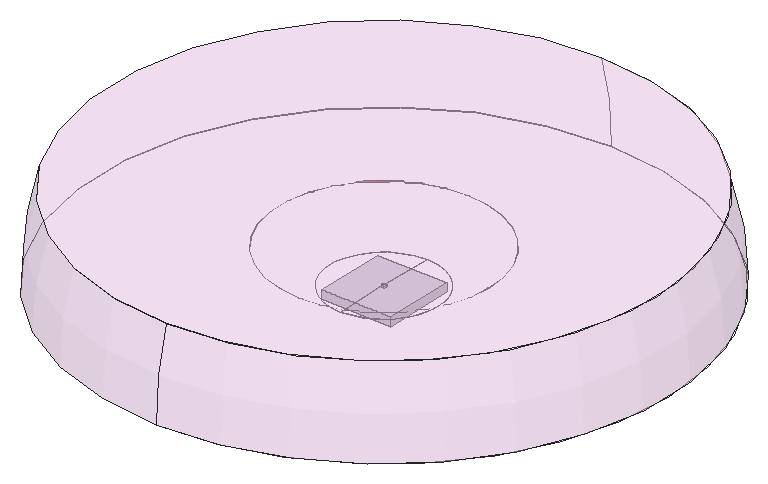
Revit family "Camera-Security-Panasonic-360-degree-Indoor-Dome-Network-X4170Seriesx", category Security Devices, host Face, Revit 2016
Family settings
  Host = Face
  Maintain Annotation Orientation = No
  Part Type = Normal
  Round Connector Dimension = Use Diameter
  OmniClass Number = 23.85.10.14.11
  OmniClass Title = Cameras
  Cut with Voids When Loaded = No
  Shared = No
  Room Calculation Point = No
Parameters (values of type "WV-X4171")
  z Void Direction [instance] = if((if(On Wall, 1, 0) + if(On Ceiling, 1, 0)) = 1, if(On Ceiling, 0, 1), 0)  # 0
  z Vertical FOV = 183.00°  # constant formula
  z VV Origin Height Offset [instance] = Height  # 1.94882"
  z VV Origin Height [instance] = 0.000"
  z Lenz to PPM Target X [instance] = 0.07874" * Focal Length * 1000 / (PPM Actual * Scanning Area H / Horizontal Resolution) - z Lenz to PPM Target H  # 152.36905"
  z Lenz to PPM Target H [instance] = Distance to Floor - PPM Target Height - z VV Origin Height Offset  # 46.08268"
  z Horizontal FOV = 183.00°  # constant formula
  z Camera Center Y Axis Offset [instance] = 0.000"
  z Camera Bottom Offset [instance] = 0.000"
  z Camera Angle [instance] = 90.00°
  z Base Raduius = 3.22835"
  z Base Height = 0.000"
  Wide Dynamic Range = yes
  Weight [instance] = 0.93 lbf
  Voltage DC = 12 V
  Vandal Resistant = no
  URL = "http://security.panasonic.com/pss/security/"
  Storage Temperature = "-22 °F to 140 °F"  # constant formula
  Show View Volume [instance] = yes
  Scanning Area V = 0.21811"
  Scanning Area H = 0.21811"
  Resolution_9M [instance] = yes
  Resolution_4M [instance] = not(Resolution_9M)  # no
  Regulatory Compliance = "UL (UL60950-1), c-UL (CSA C22.2 No.60950-1), CE, IEC60950-1 FCC (Part15 ClassA), ICES003 ClassA, EN55022 ClassB, EN55024"  # constant formula
  Radius_3 [instance] = Radius_1 * 0.123  # 0.36319"
  Radius_2 [instance] = Radius_1 * 0.2  # 0.59055"
  Radius_1 [instance] = Diameter / 2  # 2.95276"
  Provide Feedback = "https://www.surveymonkey.com/s/95FL6QY"
  Product Page URL = "https://security.panasonic.com/products/wv-s4171"
  Product Material = Paint - Panasonic - Sail White
  Product Documentation Link = "http://ssbu-t.psn-web.net/Products/IP_camera/WV-S4171/Specsheet/WV-S4171_A4.pdf"
  Power Active = 6.7 W
  Part Number = Model  # "WV-X4171"
  Part Description = Description  # "Security Camera, H.264/H.265 360-degree, Indoor, Dome, 9 Megapixel, Network, X4171"
  PPM Target Height [instance] = 70.07874"
  PPM Desired [instance] = 300
  PPM Actual [instance] = if(PPM Desired > 1, PPM Desired, 1)  # 300
  Original Creation Date = "2018/01/15"
  Operational Temperature = "14°F to 122°F"
  Operational Humidity = "10% to 90% (no condensation)"
  On Wall [instance] = no
  On Ceiling [instance] = yes
  Mounting Positions = "Mount Dependent or Surface Mount"
  Model Disclaimer = "Contact Panasonic for more information"  # constant formula
  Model = "WV-X4171"
  Minimum Illumination = 0.3 lx
  Manufacturer = "Panasonic"  # constant formula
  Indoor Or Outdoor = "Indoor"
  IP Or Analog = "IP"
  Horizontal Resolution [instance] = if(Resolution_9M, 2992, 2192)  # 2992
  Height_Offset5 = 1.44663"
  Height_Offset4 [instance] = 0.39438"
  Height_Offset3 [instance] = (Height - Height_Offset2) * 0.278  # 0.31423"
  Height_Offset2 [instance] = Height * 0.42  # 0.8185"
  Height_Offset1 [instance] = Height * 0.1  # 0.19488"
  Height [instance] = 1.94882"
  Has POE = yes
  Focal Length = 0.05512"
  Family Version = "1.0.0"  # constant formula
  Equipment Number [instance] = ""
  Equipment Abbreviation = "SC"
  Distance to Screen [instance] = 393.70079"
  Distance to PPM Target [instance] = if(z Lenz to PPM Target X < z Lenz to PPM Target H, 0.000", sqrt(z Lenz to PPM Target X ^ 2 - z Lenz to PPM Target H ^ 2))  # 145.23331"
  Distance to Floor [instance] = 118.11024"
  Distance to Ceiling [instance] = 0.000"
  Diameter [instance] = 5.90551"
  Description = "Security Camera, H.264/H.265 360-degree, Indoor, Dome, 9 Megapixel, Network, X4171"
  Default Elevation = 0.000"
  Day Or Night = "N/A"
  Date Last Modified = "2018/01/15"
  Copyright = "Copyright © Panasonic"  # constant formula
  Communication Ports = "10Base-T / 100Base-TX, RJ45 connector"
  z Camera Center X Axis Offset [instance] = 0.000"
  Audio Out = "3.5 mm stereo mini jack"
  Audio In = "3.5 mm stereo mini jack"
  Angle Of View = "183"
  Alarm Input Or Output Specification = "ALARM IN 1 (Auto time adjustment) (x1),ALARM IN 2 (ALARM OUT) (x1), ALARM IN 3 (AUX OUT) (x1)"
Types (2): name | Weight | Voltage DC | Product Page URL | Product Documentation Link | Power Active | Part Number | Part Description | Original Creation Date | Operational Temperature | Model | Description | Date Last Modified | Audio Out | Audio In | Alarm Input Or Output Specification
  WV-X4170 | 0.88 lbf | 48 V | "https://security.panasonic.com/products/wv-s4170" | "http://ssbu-t.psn-web.net/Products/IP_camera/WV-S4170/Specsheet/WV-S4170_A4.pdf" | 7.2 W | "WV-X4170" | "Security Camera, H.264/H.265 360-degree, Indoor, Dome, 9 Megapixel, Network, X4170" | "2018/01/12" | "32°F to 104°F" | "WV-X4170" | "Security Camera, H.264/H.265 360-degree, Indoor, Dome, 9 Megapixel, Network, X4170" | "2018/01/12" | "No" | "No" | "No"
  WV-X4171 | 0.93 lbf | 12 V | "https://security.panasonic.com/products/wv-s4171" | "http://ssbu-t.psn-web.net/Products/IP_camera/WV-S4171/Specsheet/WV-S4171_A4.pdf" | 6.7 W | "WV-X4171" | "Security Camera, H.264/H.265 360-degree, Indoor, Dome, 9 Megapixel, Network, X4171" | "2018/01/15" | "14°F to 122°F" | "WV-X4171" | "Security Camera, H.264/H.265 360-degree, Indoor, Dome, 9 Megapixel, Network, X4171" | "2018/01/15" | "3.5 mm stereo mini jack" | "3.5 mm stereo mini jack" | "ALARM IN 1 (Auto time adjustment) (x1),ALARM IN 2 (ALARM OUT) (x1), ALARM IN 3 (AUX OUT) (x1)"
Reference planes (in)
  plane 1 "Center (Front/Back)": y = 0
  plane 2: z = 0
  plane 3 "Center (Left/Right)": x = 0
  plane 4: y = 0
Forms (in)
  Extrusion 1, solid
    sketch origin (0, 0, 0) x (1, 0, 0) y (0, 1, 0)
      loop
        line (-48, 48) -> (-48, -48) -> (48, -48) -> (48, 48) -> (-48, 48)
    from 0 to -12
  Revolve 2, solid, material "Paint - Panasonic - Sail White" <- "Product Material"
    sketch origin (0, 0, 0) x (0, 0, 1) y (-1, 0, 0)
      loop
        line (1.75394, 0) -> (0, 0) -> (0, -2.95276) -> (1.13031, -2.95276) -> (1.75394, -0.59055) -> (1.75394, 0)
      axis (1.75394, 0) -> (0, 0)
    angle from 0 to 360
  Revolve 3, solid, material "Glass - Panasonic - Smoked"
    sketch origin (0, 0, 0) x (0, 0, 1) y (-1, 0, 0)
      loop
        line (1.94882, 0) -> (1.75394, 0) -> (1.75394, -0.36319)
        arc (1.75394, -0.36319) -> (1.89808, -0.20666) -> (1.94882, 0) r 0.42715
      axis (1.94882, 0) -> (1.75394, 0)
    angle from 0 to 360
  Revolve 4, solid
    sketch origin (0, 0, 0) x (0, 0, 1) y (-1, 0, 0)
      loop
        line (0, -2.79528) -> (0, -2.95276) -> (0.81609, -2.95276) -> (0.81609, -2.79528) -> (0, -2.79528)
      axis (0.81609, 0) -> (0, 0)
    angle from -30 to 30
  Revolve 5, solid
    sketch origin (0, 0, 0) x (0, 0, 1) y (-1, 0, 0)
      loop
        line (0.81609, -2.79528) -> (0, -2.79528) -> (0, -2.95276) -> (0.81609, -2.95276) -> (0.81609, -2.79528)
      axis (0.81609, 0) -> (0, 0)
    angle from 90 to 150
  Revolve 6, solid
    sketch origin (0, 0, 0) x (0, 0, 1) y (-1, 0, 0)
      loop
        line (0, -2.79528) -> (0, -2.95276) -> (0.81609, -2.95276) -> (0.81609, -2.79528) -> (0, -2.79528)
      axis (0.81609, 0) -> (0, 0)
    angle from 210 to 270
Lines and regions (in)
  symbolic lines, not visible
    curve 1: line (-1.15, -2.6875, 0) -> (1.15, -2.6875, 0)
  reference lines
    curve 2: line (-1.1811, 0, 0) -> (2.04724, 0, 0)
    curve 3: line (0, 0, 0) -> (0, 0, 3.93701)
    curve 4: line (3.22835, 0, 0) -> (0, 0, 0)
    curve 5: line (0, 0, 1.75394) -> (4.20071, 0, 1.75394)
    curve 6: line (0, 0, 1.13031) -> (2.95276, 0, 1.13031)
    curve 7: line (0, 0, 0.81609) -> (2.95276, 0, 0.81609)
    curve 8: line (2.95276, 0, 0) -> (2.95276, 0, 1.13031)
    curve 9: line (0.59055, 0, 1.13031) -> (0.59055, 0, 1.75394)
    curve 10: line (0.36319, 0, 1.75394) -> (0.36319, 0, 1.94882)
    curve 11: line (2.79528, 0, 0) -> (2.79528, 0, 0.81609)
    curve 12: line (0, 0, 1.94882) -> (0.36319, 0, 1.94882)
Dimensions and locks (in)
  plane 1 "Center (Front/Back)" to plane 4 = 0.000"
  "z Camera Center Y Axis Offset": plane 4 to plane 1 "Center (Front/Back)"
  "z Camera Center Y Axis Offset": curve 2 to level
  "z Camera Center X Axis Offset": plane 3 "Center (Left/Right)" to curve 3
  "z Base Height": curve 3 to curve 4
  "Height": curve 12 to curve 4
  "Radius_1": curve 8 to curve 3
  "Height_Offset1": curve 12 to curve 5
  "Radius_2": curve 9 to curve 3
  "Radius_3": curve 10 to curve 3
  "Height_Offset2": curve 12 to curve 6
  "Height_Offset3": curve 6 to curve 7
  locked: curve 8 to curve 11 at 0.15748
  "z Camera Angle": angle curve 3 to curve 2
  aligned and locked: plane 2 to Extrusion 1
  aligned and locked: level to Extrusion 1
  aligned and locked: curve 2 to curve 3
  aligned and locked: Revolve 2 sketch curve to curve 3
  aligned and locked: Revolve 2 sketch curve to curve 5
  aligned and locked: curve 6 to Revolve 2 sketch curve
  aligned and locked: curve 4 to Revolve 2 sketch curve
  aligned and locked: Revolve 2 sketch curve to curve 8
  aligned and locked: Revolve 3 sketch curve to curve 12
  aligned and locked: Revolve 3 sketch curve to curve 5
  aligned and locked: Revolve 3 sketch curve to curve 10
  aligned and locked: Revolve 3 sketch curve to curve 3
  aligned and locked: Revolve 4 sketch curve to curve 3
  aligned and locked: Revolve 4 sketch curve to curve 11
  aligned and locked: Revolve 4 sketch curve to curve 8
  aligned and locked: curve 7 to Revolve 4 sketch curve
  aligned and locked: Revolve 4 sketch curve to curve 4
  aligned and locked: Revolve 5 sketch curve to curve 3
  aligned and locked: curve 7 to Revolve 5 sketch curve
  aligned and locked: Revolve 5 sketch curve to curve 11
  aligned and locked: Revolve 5 sketch curve to curve 8
  aligned and locked: Revolve 5 sketch curve to curve 4
  aligned and locked: Revolve 6 sketch curve to curve 3
  aligned and locked: curve 7 to Revolve 6 sketch curve
  aligned and locked: Revolve 6 sketch curve to curve 11
  aligned and locked: Revolve 6 sketch curve to curve 8
  aligned and locked: Revolve 6 sketch curve to curve 4
  aligned and locked: nested 1 to curve 3  (x2)
Automatic sketch dimensions
  Extrusion 1 sketch curve to Extrusion 1 sketch curve = 96.000"  (x2)
  curve 1 to plane 3 "Center (Left/Right)" = 1.150"
  plane 3 "Center (Left/Right)" to curve 1 = 1.150"
  plane 1 "Center (Front/Back)" to curve 1 = 2.6875"
  Revolve 2 sketch curve to curve 3 = 0.000"
  curve 3 to Revolve 2 sketch curve = 0.59055"
  Revolve 2 sketch curve to Revolve 2 sketch curve = 0.15503"
  Revolve 2 sketch curve to Revolve 2 sketch curve = 0.10168"
  Revolve 3 sketch curve to curve 3 = 0.000"
  curve 3 to Revolve 3 sketch curve = 0.00469"
  Revolve 3 sketch curve to Revolve 3 sketch curve = 0.05579"
  Revolve 3 sketch curve to Revolve 3 sketch curve = 0.02944"
  curve 3 to Revolve 4 sketch curve = 1.29762"
  Revolve 4 sketch curve to Revolve 4 sketch curve = 1.01951"
  curve 3 to Revolve 5 sketch curve = 1.2447"
  Revolve 5 sketch curve to Revolve 5 sketch curve = 1.07846"
  curve 3 to Revolve 6 sketch curve = 1.22468"
  Revolve 6 sketch curve to Revolve 6 sketch curve = 1.14853"
  curve 2 to plane 3 "Center (Left/Right)" = 1.1811"
  plane 3 "Center (Left/Right)" to curve 2 = 2.04724"
  curve 4 to curve 3 = 3.22835"
  curve 5 to curve 3 = 0.000"
  curve 6 to curve 3 = 0.000"
  curve 12 to curve 3 = 0.000"
  curve 7 to curve 3 = 0.000"
  curve 5 to curve 6 = 1.24796"
Nested families (in)
  nested 1: "Camera-Security-Panasonic-ViewVolume360" at (0, 0, 1.94882), HFOV <- "z Horizontal FOV", VFOV <- "z Vertical FOV", Ceiling Distance <- "Distance to Ceiling", Target Horizontal Distance <- "Distance to PPM Target", Object Height <- "PPM Target Height", Screen Depth <- "Distance to Screen", On Wall <- "On Wall", On Ceiling <- "On Ceiling", Base Height Offset <- "z VV Origin Height Offset", visible <- "Show View Volume", Floor Distance <- "Distance to Floor", type "Camera-Security-Panasonic-ViewVolume360"
    with z Yaw Actual 0.00°, z Void Width 826.77165", z Void Thickness 395.64961", z Void Height Start -413.38583", z Void Height End 413.38583", z Void Direction 0, z Void Angle 0.00°, z Viewpoint Origin Horizontal Offset 0.000", z Tilt Actual 0.00°, z Target Visible yes, z Target Horizontal Distance 145.23331", z Target Depth 46.08268", z Screen Depth 393.70079", z Pan Actual 0.00°, z Floor Distance 118.11024", z FOV Half 91.50°, z Ceiling Distance 0.000", z Camera Back Void Depth 397.6378", VFOV 183.00°, Target Horizontal Distance 145.23331", Screen Depth 393.70079", On Wall no, On Default Mount Type 0, On Ceiling yes, Object Height 70.07874", HFOV 183.00°, Floor Distance 118.11024", Ceiling Distance 0.000", Base Height Offset 1.94882", Base Angle Offset 0.00°
Connectors (in)
  electrical at (0, 0, 0), driven by "Voltage DC", driven by "Power Active"
    settings: on Revolve 2, index 1, voltage 12 V, apparent load 6.7 W, apparent load phase1 0.0 W, apparent load phase2 0.0 W, apparent load phase3 0.0 W, power factor 1, load classification "Other", number of poles 1, system type 30, power factor state 1, is connector primary yes, connector utility no, sub classification motor no, connector description "Electrical Connection"
  electrical at (0, 0, 0)
    settings: on Revolve 2, index 2, voltage 0 V, apparent load 0.0 W, apparent load phase1 0.0 W, apparent load phase2 0.0 W, apparent load phase3 0.0 W, power factor 1, load classification "Other", number of poles 1, system type 5, power factor state 1, is connector primary no, connector utility no, sub classification motor no, connector description "Data Connection"
Definition of nested family "Camera-Security-Panasonic-ViewVolume360"
  Parameters
    z Yaw Actual [instance] = 0.00°  # constant formula
    z Void Width [instance] = z Screen Depth * 2 + 39.37008"  # 826.77165"
    z Void Thickness [instance] = z Screen Depth + abs(Base Height Offset)  # 399.6063"
    z Void Height Start [instance] = -z Void Width / 2  # -413.38583"
    z Void Height End [instance] = z Void Width / 2  # 413.38583"
    z Void Direction [instance] = if((if(On Wall, 1, 0) + if(On Ceiling, 1, 0)) = 1, if(On Ceiling, 0, 1), On Default Mount Type)  # 0
    z Tilt Actual [instance] = if(z Void Direction = 0, 0.00°, if(z Void Direction = 1, 90.00°, 0.00°))  # 0.00°
    z Target Visible [instance] = and(Target Horizontal Distance > 0.03937", z Target Depth < z Screen Depth, z Target Depth > 3.93701")  # yes
    z Target Horizontal Distance [instance] = if(Target Horizontal Distance < 3.93701", 3.93701", Target Horizontal Distance)  # 78.74016"
    z Target Depth [instance] = if(if(z Void Direction = 0, z Floor Distance - Object Height - Base Height Offset, z Floor Distance - Object Height) < 3.93701", 3.93701", if(z Void Direction = 0, z Floor Distance - Object Height - Base Height Offset, z Floor Distance - Object Height))  # 42.12598"
    z Pan Actual [instance] = 0.00°  # constant formula
    z Floor Distance [instance] = if(Floor Distance < 3.93701", 3.93701", Floor Distance)  # 118.11024"
    z FOV Half [instance] = HFOV / 2  # 80.00°
    z Const Yaw Base2 Length = 17.32283"  # constant formula
    z Const Tilt Base2 Length = 19.68504"  # constant formula
    z Ceiling Distance [instance] = if(Ceiling Distance < 0.000", 0.000", Ceiling Distance)  # 0.000"
    z Const Void Handle Length = 23.62205"  # constant formula
    z Void Angle [instance] = if(z Void Direction = 0, 0.00° + Base Angle Offset, if(z Void Direction = 1, 90.00° + Base Angle Offset, 180.00° + Base Angle Offset))  # 0.00°
    z Screen Depth [instance] = if(Screen Depth < 7.87402", 7.87402", Screen Depth)  # 393.70079"
    z Camera Back Void Depth [instance] = z Screen Depth + z Screen Depth * 0.01  # 397.6378"
    Target Horizontal Distance [instance] = 78.74016"
    Original Creation Date = "September, 15, 2016"  # constant formula
    On Default Mount Type [instance] = 0
    Object Height [instance] = 70.07874"
    Manufacturer = "Panasonic"  # constant formula
    Family Version = "1.0.0"  # constant formula
    Default Elevation = 48.000"
    Date Last Modified = "September, 15, 2016"  # constant formula
    Copyright = "Copyright © Panasonic"  # constant formula
    Base Height Offset [instance] = 5.90551"
    Base Angle Offset [instance] = 0.00°
    VFOV [instance] = 33.75°
    z Target Thickness = 0.19685"  # constant formula
    Screen Depth [instance] = 393.70079"
    z Const Yaw Handle Length = 9.25197"  # constant formula
    z Const Yaw Base Length = 10.23622"  # constant formula
    z Viewpoint Origin Horizontal Offset [instance] = 0.000"  # constant formula
    z Const Tilt Handle Length = 14.17323"  # constant formula
    z Const Tilt Base Length = 9.84252"  # constant formula
    z Const Pan Handle Length = 19.68504"  # constant formula
    z Const Pan Axis Length = 15.74803"  # constant formula
    On Wall [instance] = no
    On Ceiling [instance] = yes
    HFOV [instance] = 160.00°
    Floor Distance [instance] = 118.11024"
    Ceiling Distance [instance] = 0.000"
  Reference planes (in)
    plane 1 "Center (Front/Back)": y = 0
    plane 2: z = 0
    plane 3 "Center (Left/Right)": x = 0
    plane 4 "VoidOffsetBase": z = -5.90551
  Forms (in)
    Extrusion 1, void
      sketch origin (0, 0, -5.90551) x (0, 0, 1) y (0, -1, 0)
        loop
          line (517.71654, 413.38583) -> (118.11024, 413.38583) -> (118.11024, -413.38583) -> (517.71654, -413.38583) -> (517.71654, 413.38583)
        loop
          line (0, 413.38583) -> (-399.6063, 413.38583) -> (-399.6063, -413.38583) -> (0, -413.38583) -> (0, 413.38583)
      from -413.38583 <- "z Void Height Start" to 413.38583 <- "z Void Height End"
    Revolve 2, solid, visible <- "z Target Visible"
      sketch origin (0, 0, 42.12598) x (0, 0, -1) y (0, 1, 0)
        loop
          circle (0, 78.74016) r 0.19685
        axis (0.19685, 0) -> (-0.19685, 0)
      angle from 0 to 360
    Revolve 3, solid
      sketch origin (0, 0, 0) x (0, 1, 0) y (0, 0, 1)
        loop
          line (0, 0) -> (387.71959, 68.36542)
          arc (387.71959, 68.36542) -> (253.06599, 301.5923) -> (0, 393.70079) r 393.70079
          line (0, 393.70079) -> (0, 0)
        axis (0, 0) -> (0, 393.70079)
      angle from 0 to 360
    Revolve 4, void
      sketch origin (0, 0, 0) x (0, 1, 0) y (0, 0, 1)
        loop
          line (0, 0) -> (0, -397.6378)
          arc (0, -397.6378) -> (304.60822, -255.59665) -> (391.59678, 69.04908) r 397.6378
          line (391.59678, 69.04908) -> (0, 0)
        axis (0, -397.6378) -> (0, 69.04908)
      angle from 0 to 360
  Cuts and joins
    Revolve 4 cuts Revolve 2
    Extrusion 1 cuts Revolve 3
  Lines and regions (in)
    reference lines
      curve 1: line (0, 0, 0) -> (19.68504, 0, 0)
      curve 2: line (0, 0, -15.74803) -> (0, 0, 0)
      curve 3: line (0, 0, 0) -> (0, -9.84252, 0)
      curve 4: line (0, 0, 0) -> (0, 0, 19.68504)
      curve 5: line (0, 0, 14.17323) -> (0, 0, 0)
      curve 6: line (0, 0, 0) -> (0, 10.23622, 0)
      curve 7: line (0, 0, 0) -> (-17.32283, 0, 0)
      curve 8: line (0, 0, 0) -> (-9.25197, 0, 0)
      curve 9: line (0, 0, 42.12598) -> (0, 0, 0)
      curve 10: line (0, 0, -5.90551) -> (0, 0, 17.71654)
      curve 11: line (0, -413.38583, 511.81102) -> (0, 413.38583, 511.81102)
      curve 12: line (0, -413.38583, 112.20472) -> (0, -413.38583, 511.81102)
      curve 13: line (0, 413.38583, 112.20472) -> (0, -413.38583, 112.20472)
      curve 14: line (0, 413.38583, 511.81102) -> (0, 413.38583, 112.20472)
      curve 15: line (0, -413.38583, -5.90551) -> (0, 413.38583, -5.90551)
      curve 16: line (0, -413.38583, -405.51181) -> (0, -413.38583, -5.90551)
      curve 17: line (0, 413.38583, -405.51181) -> (0, -413.38583, -405.51181)
      curve 18: line (0, 413.38583, -5.90551) -> (0, 413.38583, -405.51181)
  Dimensions and locks (in)
    "z Const Pan Handle Length": curve 1 to curve 1
    "z Const Pan Axis Length": curve 2 to curve 2
    "z Const Tilt Base Length": curve 3 to curve 3
    "z Const Pan Axis Length": curve 1 to curve 2
    "z Viewpoint Origin Horizontal Offset": curve 4 to curve 2
    "z Const Tilt Base2 Length": curve 4 to curve 4
    "z Const Tilt Handle Length": curve 5 to curve 5
    "z Const Yaw Base Length": curve 6 to curve 6
    "z Const Yaw Base2 Length": curve 7 to curve 7
    "z Const Yaw Handle Length": curve 8 to curve 8
    "z Target Depth": curve 9 to curve 9
    "z Const Void Handle Length": curve 10 to curve 10
    equal spacing: curve 12, curve 10, curve 14
    "z Void Width": curve 12 to curve 14
    "z Floor Distance": curve 13 to curve 10
    "z Ceiling Distance": curve 15 to curve 10
    "z Void Thickness": curve 17 to curve 15
    "z Void Thickness": curve 11 to curve 13
    "Base Height Offset": level to plane 4 "VoidOffsetBase"
    "z Target Horizontal Distance": curve 10 to Revolve 2 sketch curve
    "z Camera Back Void Depth": Revolve 4 sketch curve to Revolve 4 sketch curve  (x2)
    "z Screen Depth": Revolve 3 sketch curve to Revolve 3 sketch curve  (x2)
    "z Target Thickness": radius of Revolve 2 sketch curve
    "z Screen Depth": radius of Revolve 3 sketch curve
    "z Camera Back Void Depth": radius of Revolve 4 sketch curve
    locked: curve 3 to curve 2 (angle 90.00°)
    locked: curve 3 to curve 4 (angle 90.00°)
    "z Tilt Actual": angle curve 4 to curve 5
    locked: curve 6 to curve 7 (angle 90.00°)
    locked: curve 6 to curve 5 (angle 90.00°)
    locked: curve 9 to curve 5 (angle 0.00°)
    "z Void Angle": angle plane 1 "Center (Front/Back)" to curve 10
    "z Yaw Actual": angle curve 7 to curve 8
    "z Pan Actual": angle plane 1 "Center (Front/Back)" to curve 1
    "z FOV Half": angle Revolve 4 sketch curve to plane 1 "Center (Front/Back)"
    "z FOV Half": angle Revolve 3 sketch curve to plane 1 "Center (Front/Back)"
    aligned and locked: level to plane 2
    aligned and locked: curve 2 to curve 1
    aligned and locked: curve 2 to curve 3
    aligned and locked: curve 3 to curve 2
    aligned and locked: curve 3 to curve 5
    aligned and locked: curve 6 to curve 7
    aligned and locked: curve 6 to curve 8
    aligned and locked: curve 8 to curve 7
    aligned and locked: curve 7 to curve 6
    aligned and locked: plane 1 "Center (Front/Back)" to curve 10
    aligned and locked: curve 16 to curve 12
    aligned and locked: curve 14 to curve 18
    aligned and locked: Extrusion 1 sketch curve to curve 11
    aligned and locked: Extrusion 1 sketch curve to curve 12
    aligned and locked: Extrusion 1 sketch curve to curve 13
    aligned and locked: Extrusion 1 sketch curve to curve 14
    aligned and locked: Extrusion 1 sketch curve to curve 15
    aligned and locked: Extrusion 1 sketch curve to curve 16
    aligned and locked: Extrusion 1 sketch curve to curve 17
    aligned and locked: Extrusion 1 sketch curve to curve 18
    aligned and locked: Extrusion 1 sketch curve to Extrusion 1 sketch curve  (x8)
    aligned and locked: plane 3 "Center (Left/Right)" to curve 1
    aligned and locked: plane 1 "Center (Front/Back)" to curve 1
    aligned and locked: level to curve 2
    aligned and locked: plane 4 "VoidOffsetBase" to curve 10
    aligned and locked: plane 1 "Center (Front/Back)" to Revolve 4 sketch curve
    aligned and locked: level to Revolve 4 sketch curve
    aligned and locked: level to Revolve 3 sketch curve
    aligned and locked: plane 1 "Center (Front/Back)" to Revolve 3 sketch curve
  Automatic sketch dimensions
    curve 9 to curve 8 = 0.000"  (x2)
    curve 6 to curve 5 = 0.000"
    curve 6 to curve 5 = 10.23622"
    Revolve 2 sketch curve to curve 9 = 0.000"  (x3)
    curve 9 to Revolve 2 sketch curve = 0.000"
    Revolve 3 sketch curve to level = 0.000"
    Revolve 3 sketch curve to plane 1 "Center (Front/Back)" = 0.000"
    Revolve 3 sketch curve to Revolve 3 sketch curve = 0.000"
    Revolve 4 sketch curve to level = 0.000"
    Revolve 4 sketch curve to plane 1 "Center (Front/Back)" = 0.000"
    Revolve 4 sketch curve to Revolve 4 sketch curve = 107.05185"
